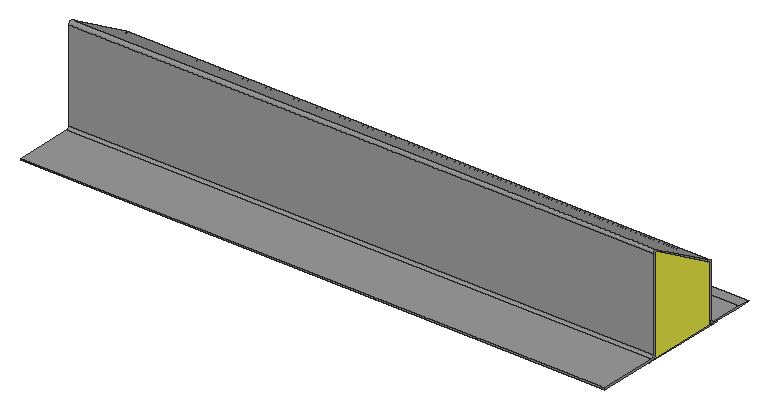
Revit family "XHD K 150 WIL", category Generic Models, Revit 2014
Parameters (values of type "Max lintel length 2100mm")
  URL = "http://www.keystonelintels.co.uk"
  Structural Opening [instance] = 900 mm
  Structural Performance = "The Keystone lintel range has safe working loads as detailed in each applicable loading table in the Keystone Lintel Guide brochure. The structural performance figures within each table have been ascertained by testing in accordance with the requirements of standards BS EN 5977-2: 1983 and BS EN 845-2: 2003."
  RIBA Productor Selector = "available for Keystone Lintels Ltd from Keystone Lintels Ltd from ribaproductselector.com"
  Model = "XHD/K 150 WIL"
  Min Length = 600 mm
  Min Clear Span = 300 mm
  Max Length = 2100 mm
  Max Clear Span = 2100 mm
  Material - Stainless Steel = "Grade 304 2b 1.4307 to BS EN 10088-2. Other grades available on request: contact manufacturer."
  Material - Galvanised Steel = "To BS EN 10346: 2009. DX51D plus Z600 or grade Z275 to BS 5977-2: 1983 (BS EN 845-2: 2003)."
  Manufacturer = "Keystone"
  Manufactured Length [instance] = (roundup(Effective Length / 150 mm) * 150 mm)  # 1200 mm
  Lintel height [instance] = 2100 mm
  Keynote = "F30/755"
  Fire Performance = "Keystone lintels have been subjected to a fire test (WARRES No. 101263) in accordance with BS 476-20: 1987, at Exova Warrington Fire and achieved a one hour fire performance."
  End Bearing = 150 mm
  Effective Length [instance] = Clear Opening with MIN MAX set + End Bearing * 2  # 1200 mm
  Corrosion = "Keystone’s standard range of lintels are manufactured from high quality grade pre-galvanized carbon steel with a zinc coating of 600"
  Contact Tel = "+44 (0)28 8676 2184"
  Contact Email = "info@keystonelintels.co.uk"
  Clear Opening with MIN MAX set [instance] = if(Structural Opening < Min Clear Span, Min Clear Span, (if(Structural Opening > Max Clear Span, Max Clear Span, Structural Opening)))  # 900 mm
  CPD Information = "Available for Keystone Lintels Ltd from ribacpd.com"
Reference planes
  plane 1 "Center (Front/Back)": y = 0
  plane 2: z = 0
  plane 3 "Center (Left/Right)": x = 0
  plane 4: x = -600
  plane 5: x = 600
  plane 6: z = 2100
  plane 7: x = -450
  plane 8: x = 450
Forms (mm)
  Extrusion 1, solid, material "Steel"
    sketch origin (0, 700.992, -510.749) x (0, 1, 0) y (0, 0, 1)
      loop
        line (-558.049, 2610.749) -> (-533.099, 2609.835) -> (-532.982, 2613.033) -> (-557.991, 2613.949) -> (-622.991, 2613.949)
        arc (-622.991, 2613.949) -> (-626.526, 2615.414) -> (-627.991, 2618.949) r 5
        line (-627.991, 2618.949) -> (-627.991, 2725.945)
        arc (-627.991, 2725.945) -> (-628.686, 2728.544) -> (-630.587, 2730.447) r 5.2
        line (-630.587, 2730.447) -> (-768.192, 2810.036)
        arc (-768.192, 2810.036) -> (-773.392, 2810.036) -> (-775.991, 2805.532) r 5.198
        line (-775.991, 2805.532) -> (-775.991, 2618.949)
        arc (-775.991, 2618.949) -> (-777.455, 2615.414) -> (-780.991, 2613.949) r 5
        line (-780.991, 2613.949) -> (-900.991, 2613.949) -> (-900.991, 2610.749) -> (-780.991, 2610.749)
        arc (-780.991, 2610.749) -> (-775.193, 2613.151) -> (-772.791, 2618.949) r 8.2
        line (-772.791, 2618.949) -> (-772.791, 2805.532)
        arc (-772.791, 2805.532) -> (-771.792, 2807.263) -> (-769.794, 2807.266) r 2
        line (-769.794, 2807.266) -> (-632.189, 2727.677)
        arc (-632.189, 2727.677) -> (-631.458, 2726.945) -> (-631.191, 2725.945) r 2
        line (-631.191, 2725.945) -> (-631.191, 2618.949)
        arc (-631.191, 2618.949) -> (-628.789, 2613.151) -> (-622.991, 2610.749) r 8.2
        line (-622.991, 2610.749) -> (-558.049, 2610.749)
    from -600 to 600
  Extrusion 2, solid, material "Steel"
    sketch origin (0, 700.992, -510.749) x (0, 1, 0) y (0, 0, 1)
      loop
        line (-614.189, 2609.749) -> (-614.189, 2610.749) -> (-631.189, 2610.749) -> (-631.189, 2618.749) -> (-632.189, 2618.749) -> (-632.189, 2610.749) -> (-789.189, 2610.749) -> (-789.189, 2609.749) -> (-614.189, 2609.749)
    from -600 to 600
  Extrusion 3, solid, material "Insulation"
    sketch origin (0, 700.992, -510.749) x (0, 1, 0) y (0, 0, 1)
      loop
        line (-631.191, 2618.949) -> (-631.191, 2725.945)
        arc (-631.191, 2725.945) -> (-631.458, 2726.945) -> (-632.189, 2727.677) r 2
        line (-632.189, 2727.677) -> (-769.794, 2807.266)
        arc (-769.794, 2807.266) -> (-771.792, 2807.263) -> (-772.791, 2805.532) r 2
        line (-772.791, 2805.532) -> (-772.791, 2618.949)
        arc (-772.791, 2618.949) -> (-775.193, 2613.151) -> (-780.991, 2610.749) r 8.2
        line (-780.991, 2610.749) -> (-632.189, 2610.749) -> (-632.189, 2618.749) -> (-631.189, 2618.749) -> (-631.189, 2610.749) -> (-622.991, 2610.749)
        arc (-622.991, 2610.749) -> (-628.789, 2613.151) -> (-631.191, 2618.949) r 8.2
    from -600 to 600
  Extrusion 4, solid, not visible
    sketch origin (0, 1032.326, 1295.975) x (0, 1, 0) y (0, 0, 1)
      loop
        line (-558.049, 1010.749) -> (-533.099, 1009.835) -> (-532.982, 1013.033) -> (-557.991, 1013.949) -> (-622.991, 1013.949)
        arc (-622.991, 1013.949) -> (-626.526, 1015.414) -> (-627.991, 1018.949) r 5
        line (-627.991, 1018.949) -> (-627.991, 1125.945)
        arc (-627.991, 1125.945) -> (-628.686, 1128.544) -> (-630.587, 1130.447) r 5.2
        line (-630.587, 1130.447) -> (-768.192, 1210.036)
        arc (-768.192, 1210.036) -> (-773.392, 1210.036) -> (-775.991, 1205.532) r 5.198
        line (-775.991, 1205.532) -> (-775.991, 1018.949)
        arc (-775.991, 1018.949) -> (-777.455, 1015.414) -> (-780.991, 1013.949) r 5
        line (-780.991, 1013.949) -> (-900.991, 1013.949) -> (-900.991, 1010.749) -> (-780.991, 1010.749)
        arc (-780.991, 1010.749) -> (-775.193, 1013.151) -> (-772.791, 1018.949) r 8.2
        line (-772.791, 1018.949) -> (-772.791, 1205.532)
        arc (-772.791, 1205.532) -> (-771.792, 1207.263) -> (-769.794, 1207.266) r 2
        line (-769.794, 1207.266) -> (-632.189, 1127.677)
        arc (-632.189, 1127.677) -> (-631.458, 1126.945) -> (-631.191, 1125.945) r 2
        line (-631.191, 1125.945) -> (-631.191, 1018.949)
        arc (-631.191, 1018.949) -> (-628.789, 1013.151) -> (-622.991, 1010.749) r 8.2
        line (-622.991, 1010.749) -> (-558.049, 1010.749)
    from 0 to 250
  Extrusion 5, solid, not visible
    sketch origin (0, 536.328, 1341.084) x (0, 1, 0) y (0, 0, 1)
      loop
        line (-631.191, 1018.949) -> (-631.191, 1125.945)
        arc (-631.191, 1125.945) -> (-631.458, 1126.945) -> (-632.189, 1127.677) r 2
        line (-632.189, 1127.677) -> (-769.794, 1207.266)
        arc (-769.794, 1207.266) -> (-771.792, 1207.263) -> (-772.791, 1205.532) r 2
        line (-772.791, 1205.532) -> (-772.791, 1018.949)
        arc (-772.791, 1018.949) -> (-775.193, 1013.151) -> (-780.991, 1010.749) r 8.2
        line (-780.991, 1010.749) -> (-632.189, 1010.749) -> (-632.189, 1018.749) -> (-631.189, 1018.749) -> (-631.189, 1010.749) -> (-622.991, 1010.749)
        arc (-622.991, 1010.749) -> (-628.789, 1013.151) -> (-631.191, 1018.949) r 8.2
    from 0 to 250
  Extrusion 6, solid, not visible
    sketch origin (0, 850.11, 1041.213) x (0, 1, 0) y (0, 0, 1)
      loop
        line (-614.189, 1009.749) -> (-614.189, 1010.749) -> (-631.189, 1010.749) -> (-631.189, 1018.749) -> (-632.189, 1018.749) -> (-632.189, 1010.749) -> (-789.189, 1010.749) -> (-789.189, 1009.749) -> (-614.189, 1009.749)
    from 0 to 250
Dimensions and locks
  equal spacing: plane 4, plane 3 "Center (Left/Right)", plane 5
  "Manufactured Length": plane 4 to plane 5
  "Lintel height": plane 6 to level
  "Structural Opening": plane 7 to plane 8
  equal spacing: plane 7, plane 3 "Center (Left/Right)", plane 8
  aligned and locked: level to plane 2
  aligned and locked: Extrusion 1 to plane 6
  aligned and locked: Extrusion 3 to plane 6
  aligned and locked: plane 6 to Extrusion 2
  aligned and locked: plane 5 to Extrusion 1
  aligned and locked: Extrusion 1 to plane 4
  aligned and locked: plane 5 to Extrusion 3
  aligned and locked: Extrusion 3 to plane 4
  aligned and locked: plane 5 to Extrusion 2
  aligned and locked: Extrusion 2 to plane 4
Automatic sketch dimensions
  Extrusion 1 sketch curve to Extrusion 1 sketch curve = 64.941 mm
  Extrusion 1 sketch curve to Extrusion 1 sketch curve = 0.914 mm
  Extrusion 1 sketch curve to Extrusion 1 sketch curve = 0.059 mm
  Extrusion 1 sketch curve to Extrusion 1 sketch curve = 0.117 mm
  Extrusion 1 sketch curve to Extrusion 1 sketch curve = 3.198 mm
  Extrusion 1 sketch curve to Extrusion 1 sketch curve = 5 mm  (x2)
  Extrusion 1 sketch curve to Extrusion 1 sketch curve = 106.996 mm
  Extrusion 1 sketch curve to Extrusion 1 sketch curve = 0.999 mm
  Extrusion 1 sketch curve to Extrusion 1 sketch curve = 1.001 mm
  Extrusion 1 sketch curve to Extrusion 1 sketch curve = 137.605 mm
  Extrusion 1 sketch curve to Extrusion 1 sketch curve = 79.589 mm
  Extrusion 1 sketch curve to Extrusion 1 sketch curve = 1.602 mm  (x2)
  Extrusion 1 sketch curve to Extrusion 1 sketch curve = 2.77 mm
  Extrusion 1 sketch curve to Extrusion 1 sketch curve = 0.997 mm
  Extrusion 1 sketch curve to Extrusion 1 sketch curve = 1.734 mm
  Extrusion 1 sketch curve to Extrusion 1 sketch curve = 0.002 mm
  Extrusion 1 sketch curve to Extrusion 1 sketch curve = 0.003 mm
  Extrusion 1 sketch curve to Extrusion 1 sketch curve = 3.2 mm
  Extrusion 1 sketch curve to Extrusion 1 sketch curve = 0 mm  (x13)
  Extrusion 1 sketch curve to Extrusion 1 sketch curve = 120 mm
  Extrusion 2 sketch curve to Extrusion 2 sketch curve = 175 mm
  Extrusion 2 sketch curve to Extrusion 2 sketch curve = 1 mm  (x2)
  Extrusion 2 sketch curve to Extrusion 2 sketch curve = 17 mm
  Extrusion 2 sketch curve to Extrusion 2 sketch curve = 8 mm
  Extrusion 2 sketch curve to Extrusion 2 sketch curve = 0 mm
  Extrusion 3 sketch curve to Extrusion 3 sketch curve = 8.198 mm
  Extrusion 3 sketch curve to Extrusion 3 sketch curve = 8.2 mm  (x3)
  Extrusion 3 sketch curve to Extrusion 3 sketch curve = 0 mm  (x3)
  Extrusion 3 sketch curve to Extrusion 3 sketch curve = 0.2 mm
  Extrusion 3 sketch curve to Extrusion 3 sketch curve = 1 mm
  Extrusion 3 sketch curve to Extrusion 3 sketch curve = 106.996 mm
  Extrusion 3 sketch curve to Extrusion 3 sketch curve = 148.802 mm
  Extrusion 3 sketch curve to Extrusion 3 sketch curve = 79.587 mm
  Extrusion 3 sketch curve to Extrusion 3 sketch curve = 2 mm
  Extrusion 3 sketch curve to Extrusion 3 sketch curve = 0.999 mm
  Extrusion 3 sketch curve to Extrusion 3 sketch curve = 2.997 mm
  Extrusion 3 sketch curve to Extrusion 3 sketch curve = 1.734 mm
  Extrusion 3 sketch curve to Extrusion 3 sketch curve = 8 mm
  Extrusion 4 sketch curve to Extrusion 4 sketch curve = 64.941 mm
  Extrusion 4 sketch curve to Extrusion 4 sketch curve = 0.914 mm
  Extrusion 4 sketch curve to Extrusion 4 sketch curve = 0.059 mm
  Extrusion 4 sketch curve to Extrusion 4 sketch curve = 0.117 mm
  Extrusion 4 sketch curve to Extrusion 4 sketch curve = 3.198 mm
  Extrusion 4 sketch curve to Extrusion 4 sketch curve = 5 mm  (x2)
  Extrusion 4 sketch curve to Extrusion 4 sketch curve = 106.996 mm
  Extrusion 4 sketch curve to Extrusion 4 sketch curve = 0.999 mm
  Extrusion 4 sketch curve to Extrusion 4 sketch curve = 1.001 mm
  Extrusion 4 sketch curve to Extrusion 4 sketch curve = 137.605 mm
  Extrusion 4 sketch curve to Extrusion 4 sketch curve = 79.589 mm
  Extrusion 4 sketch curve to Extrusion 4 sketch curve = 1.602 mm  (x2)
  Extrusion 4 sketch curve to Extrusion 4 sketch curve = 2.77 mm
  Extrusion 4 sketch curve to Extrusion 4 sketch curve = 0.997 mm
  Extrusion 4 sketch curve to Extrusion 4 sketch curve = 1.734 mm
  Extrusion 4 sketch curve to Extrusion 4 sketch curve = 0.002 mm
  Extrusion 4 sketch curve to Extrusion 4 sketch curve = 0.003 mm
  Extrusion 4 sketch curve to Extrusion 4 sketch curve = 3.2 mm
  Extrusion 4 sketch curve to Extrusion 4 sketch curve = 0 mm  (x13)
  Extrusion 4 sketch curve to Extrusion 4 sketch curve = 120 mm
  Extrusion 5 sketch curve to Extrusion 5 sketch curve = 8.198 mm
  Extrusion 5 sketch curve to Extrusion 5 sketch curve = 8.2 mm  (x3)
  Extrusion 5 sketch curve to Extrusion 5 sketch curve = 0 mm  (x3)
  Extrusion 5 sketch curve to Extrusion 5 sketch curve = 0.2 mm
  Extrusion 5 sketch curve to Extrusion 5 sketch curve = 1 mm
  Extrusion 5 sketch curve to Extrusion 5 sketch curve = 106.996 mm
  Extrusion 5 sketch curve to Extrusion 5 sketch curve = 148.802 mm
  Extrusion 5 sketch curve to Extrusion 5 sketch curve = 79.587 mm
  Extrusion 5 sketch curve to Extrusion 5 sketch curve = 2 mm
  Extrusion 5 sketch curve to Extrusion 5 sketch curve = 0.999 mm
  Extrusion 5 sketch curve to Extrusion 5 sketch curve = 2.997 mm
  Extrusion 5 sketch curve to Extrusion 5 sketch curve = 1.734 mm
  Extrusion 5 sketch curve to Extrusion 5 sketch curve = 8 mm
  Extrusion 6 sketch curve to Extrusion 6 sketch curve = 175 mm
  Extrusion 6 sketch curve to Extrusion 6 sketch curve = 1 mm  (x2)
  Extrusion 6 sketch curve to Extrusion 6 sketch curve = 17 mm
  Extrusion 6 sketch curve to Extrusion 6 sketch curve = 8 mm
  Extrusion 6 sketch curve to Extrusion 6 sketch curve = 0 mm
  Extrusion 3 sketch curve to plane 6 = 0 mm
  plane 1 "Center (Front/Back)" to Extrusion 3 sketch curve = 79.999 mm
  Extrusion 1 sketch curve to plane 6 = 0 mm
  plane 1 "Center (Front/Back)" to Extrusion 1 sketch curve = 199.999 mm
  Extrusion 2 sketch curve to plane 6 = 0 mm
  plane 1 "Center (Front/Back)" to Extrusion 2 sketch curve = 88.197 mm
